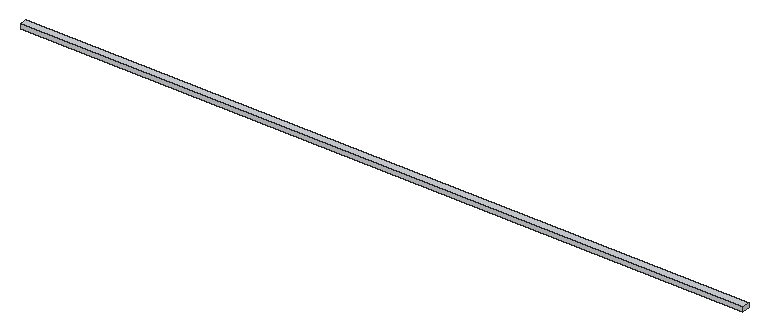
Revit family "SUPERBRILLOSA 3014 IP20_LC3014NW", category Luminarias, Revit 2019
Family settings
  Cota de conector redondo = Diámetro de uso
  Tipo de pieza = Normal
  Se basa en plano de trabajo = Sí
  Siempre vertical = No
  Corte con vacíos al cargar = No
  Origen de luz = Sí
  Compartido = No
  Punto de cálculo de habitación = No
Parameters (values of type "SUPERBRILLOSA 3014 IP20_LC3014NW")
  Tilt Angle = 60.00°
  Zone [instance] = ""
  Watt per fixture [instance] = (Longitud / 1000 mm) * (20.48)  # 20.48
  Wattage = 20.48 W
  built-in parameter 1150107 = 4500 (stored number, unit not read)
  built-in parameter 1150110 = 1 (stored number, unit not read)
  built-in parameter 1150109 = 1 (stored number, unit not read)
  built-in parameter 1150112 = 1 (stored number, unit not read)
  built-in parameter 1150113 = 1 (stored number, unit not read)
  built-in parameter 1114218 = 1 (stored number, unit not read)
  built-in parameter 1150137 = (empty or 0)
  built-in parameter 1150132 = (empty or 0)
  Modelo = "LC3014NW"
  Lámpara = "3014 SMD"
  Longitud de línea de emisión = 600 mm
  Longitud [instance] = 1000 mm
  built-in parameter 1150105 = 692.42 (stored number, unit not read)
  built-in parameter 1150102 = (empty or 0)
  built-in parameter 1150106 = 6.9242 (stored number, unit not read)
  Lumens = 2007.04 lm
  Color Filter = 16777215
  built-in parameter 1114217 = 1 (stored number, unit not read)
  built-in parameter 1150139 = (empty or 0)
  Fabricante = "BRILLANT"
  Default Elevation = 0 mm
  built-in parameter 1150104 = 9.1045 (stored number, unit not read)
  Descripción = "TIRA LED SUPERBRILLOSA 10MM DE ANCHO IP20 USO PARA INTERIORES, DE PCB BLANCO SIN RECUBRIMIENTO, MONO CROMATICA, CON UNA POTENCIA DE 24.48W/M DE UN TIPO DE LED 3014 SMD, IRC80, 204 LEDS POR METRO, PRESENTACION DE 5M, TEMPERATURA EN BLANCO FRIO 4500K, 2400 LUMENES POR METRO, EFICIENCIA DE 98 LM/W, CORTE A 3CM, ALIMENTADA A 24V, REQUIERE ACCESORIOS COMO FUENTE DE PODER Y CABLE DE ALIMENTACION. PERFIL EN CASO DE SER NECESARIO."
  built-in parameter 1150115 = 1 (stored number, unit not read)
  built-in parameter 1150114 = 1 (stored number, unit not read)
  Costo USD_LC3014 [instance] = (Longitud / 1000 mm) * (33)  # 33
  Cost = 0
  Comentarios de vataje = "24V"
  built-in parameter 1150138 = (empty or 0)
  built-in parameter 1150134 = (empty or 0)
  Circuit [instance] = ""
  Dimming Lamp Color Temperature Shift = (empty or 0)
  Archivo de red fotométrica = "LC3014NW.IES"
  Ancho = 10 mm
  built-in parameter 1150133 = 10 (stored number, unit not read)
Reference planes
  plane 1 "Centro (Frontal/Posterior)": y = 0
  plane 2: z = 0
  plane 3 "Centro (Izquierda/Derecha)": x = 0
  plane 4: x = 0
  plane 5: z = 12
  plane 6: x = -1000
  plane 7: y = 5
  plane 8: y = -5
Forms (mm)
  Extrusion 1, solid
    sketch origin (0, 0, 0) x (1, 0, 0) y (0, 1, 0)
      loop
        line (-1000, 5) -> (-1000, -5) -> (0, -5) -> (0, 5) -> (-1000, 5)
    from 0 to 6.038
Dimensions and locks
  "Longitud": plane 6 to plane 4
  equal spacing: plane 7, plane 1 "Centro (Frontal/Posterior)", plane 8
  plane 1 "Centro (Frontal/Posterior)" to plane 7 = 5 mm
  "Ancho": plane 7 to plane 8
  "Longitud": plane 6 to plane 3 "Centro (Izquierda/Derecha)"
  aligned and locked: level to plane 2
  aligned and locked: Extrusion 1 to plane 4
  aligned and locked: plane 6 to Extrusion 1
  aligned and locked: plane 3 "Centro (Izquierda/Derecha)" to Extrusion 1
  aligned and locked: Extrusion 1 to plane 7
  aligned and locked: Extrusion 1 to plane 8
Automatic sketch dimensions
  Extrusion 1 sketch curve to plane 6 = 0 mm
  Extrusion 1 sketch curve to plane 3 "Centro (Izquierda/Derecha)" = 0 mm
  plane 1 "Centro (Frontal/Posterior)" to Extrusion 1 sketch curve = 5 mm
  Extrusion 1 sketch curve to plane 1 "Centro (Frontal/Posterior)" = 5 mm
Connectors
  electrical at (0, 0, 3.019)
    settings: on Extrusion 1, index 1, voltage 24 V, apparent load 0 VA, apparent load phase1 0 VA, apparent load phase2 0 VA, apparent load phase3 0 VA, power factor 1, load classification "Otro", number of poles 1, system type 31, power factor state 1, is connector primary yes, connector utility no, sub classification motor no, connector description ""
